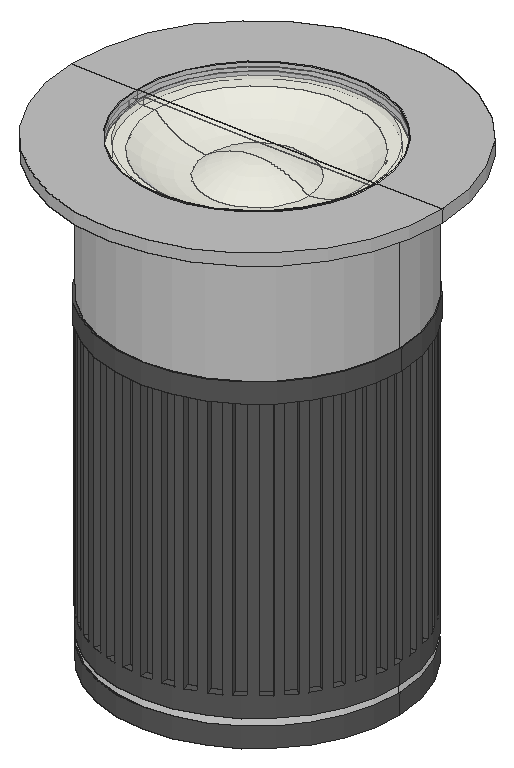
Revit family "STH8706_30", category Luminárias, Revit 2023 (continued)
Automatic sketch dimensions
  Extrusion 2 sketch curve to Extrusion 2 sketch curve = 0.001281 m
  Extrusion 2 sketch curve to Extrusion 2 sketch curve = 0.00114 m  (x2)
  Extrusion 2 sketch curve to Extrusion 2 sketch curve = 0.001513 m
  Extrusion 2 sketch curve to Extrusion 2 sketch curve = 0.001473 m
  Extrusion 2 sketch curve to Extrusion 2 sketch curve = 0.001013 m  (x2)
  Extrusion 2 sketch curve to Extrusion 2 sketch curve = 0.001083 m
  Extrusion 2 sketch curve to Extrusion 2 sketch curve = 0.001078 m
  Extrusion 2 sketch curve to Extrusion 2 sketch curve = 0.001157 m
  Extrusion 2 sketch curve to Extrusion 2 sketch curve = 0.00134 m
  Extrusion 2 sketch curve to Extrusion 2 sketch curve = 0.001082 m
  Extrusion 2 sketch curve to Extrusion 2 sketch curve = 0.001292 m
  Extrusion 2 sketch curve to Extrusion 2 sketch curve = 0.000947 m
  Extrusion 2 sketch curve to Extrusion 2 sketch curve = 0.001179 m
  Extrusion 2 sketch curve to Extrusion 2 sketch curve = 0.000866 m
  Extrusion 2 sketch curve to Extrusion 2 sketch curve = 0.001235 m
  Extrusion 2 sketch curve to Extrusion 2 sketch curve = 0.001012 m
  Extrusion 2 sketch curve to Extrusion 2 sketch curve = 0.000792 m
  Extrusion 2 sketch curve to Extrusion 2 sketch curve = 0.000925 m
  Extrusion 2 sketch curve to Extrusion 2 sketch curve = 0.001321 m
  Extrusion 2 sketch curve to Extrusion 2 sketch curve = 0.000703 m
  Extrusion 2 sketch curve to Extrusion 2 sketch curve = 0.000846 m
  Extrusion 2 sketch curve to Extrusion 2 sketch curve = 0.00086 m
  Extrusion 2 sketch curve to Extrusion 2 sketch curve = 0.000622 m
  Extrusion 2 sketch curve to Extrusion 2 sketch curve = 0.000525 m
  Extrusion 2 sketch curve to Extrusion 2 sketch curve = 0.000679 m
  Extrusion 2 sketch curve to Extrusion 2 sketch curve = 0.001438 m
  Extrusion 2 sketch curve to Extrusion 2 sketch curve = 0.00044 m
  Extrusion 2 sketch curve to Extrusion 2 sketch curve = 0.001475 m
  Extrusion 2 sketch curve to Extrusion 2 sketch curve = 0.000338 m
  Extrusion 2 sketch curve to Extrusion 2 sketch curve = 0.000664 m
  Extrusion 2 sketch curve to Extrusion 2 sketch curve = 0.000426 m
  Extrusion 2 sketch curve to Extrusion 2 sketch curve = 0.000362 m
  Extrusion 2 sketch curve to Extrusion 2 sketch curve = 0.000249 m
  Extrusion 2 sketch curve to Extrusion 2 sketch curve = 0.000144 m
  Extrusion 2 sketch curve to Extrusion 2 sketch curve = 0.000165 m
  Extrusion 2 sketch curve to Extrusion 2 sketch curve = 0.000561 m
  Extrusion 2 sketch curve to Extrusion 2 sketch curve = 0.000053 m
  Extrusion 2 sketch curve to Extrusion 2 sketch curve = 0.001527 m
  Extrusion 2 sketch curve to Extrusion 2 sketch curve = 0.001553 m
  Extrusion 2 sketch curve to Extrusion 2 sketch curve = 0.00047 m
  Extrusion 2 sketch curve to Extrusion 2 sketch curve = 0.000361 m
  Extrusion 2 sketch curve to Extrusion 2 sketch curve = 0.001586 m
  Extrusion 2 sketch curve to Extrusion 2 sketch curve = 0.001601 m
  Extrusion 2 sketch curve to Extrusion 2 sketch curve = 0.000266 m
  Extrusion 2 sketch curve to Extrusion 2 sketch curve = 0.000154 m
  Extrusion 2 sketch curve to Extrusion 2 sketch curve = 0.000056 m
  Revolve 3 sketch curve to plane 3 "Centro (Esquerda/Direita)" = 0 m
  Revolve 3 sketch curve to plane 7 = 0.00893 m
  Revolve 3 sketch curve to Revolve 3 sketch curve = 0.002706 m
  plane 9 "Inferior" to Revolve 3 sketch curve = 0.0035 m
  Revolve 3 sketch curve to Revolve 3 sketch curve = 0.0012 m
  Revolve 3 sketch curve to plane 9 "Inferior" = 0.0015 m
  plane 9 "Inferior" to Revolve 3 sketch curve = 0.0085 m
  Revolve 4 sketch curve to plane 3 "Centro (Esquerda/Direita)" = 0 m
  Revolve 4 sketch curve to plane 7 = 0.00893 m
  Revolve 4 sketch curve to Revolve 4 sketch curve = 0.0013 m
  plane 9 "Inferior" to Revolve 4 sketch curve = 0.0035 m
  Revolve 4 sketch curve to Revolve 4 sketch curve = 0.0012 m
  plane 9 "Inferior" to Revolve 4 sketch curve = 0.001506 m
  Revolve 4 sketch curve to Revolve 4 sketch curve = 0.003194 m
  Revolve 6 sketch curve to plane 3 "Centro (Esquerda/Direita)" = 0 m  (x2)
  Revolve 6 sketch curve to plane 8 = 0 m
  Revolve 6 sketch curve to level = 0.0001 m
  Revolve 6 sketch curve to plane 7 = 0.0126 m
  Revolve 6 sketch curve to Revolve 6 sketch curve = 0.001 m
  Revolve 6 sketch curve to plane 7 = 0.01155 m
  level to Revolve 6 sketch curve = 0.0005 m
  Revolve 6 sketch curve to Revolve 6 sketch curve = 0.00135 m
  Revolve 6 sketch curve to Revolve 6 sketch curve = 0.0149 m
  Revolve 6 sketch curve to plane 8 = 0.0008 m
  Revolve 6 sketch curve to level = 0.017536 m
  plane 8 to Revolve 6 sketch curve = 0.001674 m
  Revolve 7 sketch curve to plane 3 "Centro (Esquerda/Direita)" = 0 m  (x2)
  Revolve 7 sketch curve to level = 0 m
  Revolve 7 sketch curve to plane 3 "Centro (Esquerda/Direita)" = 0.000804 m
  Revolve 7 sketch curve to Revolve 7 sketch curve = 0.006 m
  Revolve 7 sketch curve to Revolve 7 sketch curve = 0.0015 m  (x2)
  plane 3 "Centro (Esquerda/Direita)" to Revolve 7 sketch curve = 0.008052 m
  Revolve 7 sketch curve to Revolve 7 sketch curve = 0.00275 m
  Revolve 7 sketch curve to level = 0.0013 m
  Revolve 7 sketch curve to Revolve 7 sketch curve = 0.01175 m
  Revolve 7 sketch curve to Revolve 7 sketch curve = 0.00015 m
  Revolve 7 sketch curve to Revolve 7 sketch curve = 0.0032 m
  Revolve 7 sketch curve to level = 0.008 m
  Revolve 7 sketch curve to Revolve 7 sketch curve = 0.0042 m
  Revolve 7 sketch curve to Revolve 7 sketch curve = 0.0038 m
  Revolve 7 sketch curve to level = 0.001 m
  plane 8 to Revolve 7 sketch curve = 0.007911 m
  Revolve 7 sketch curve to Revolve 7 sketch curve = 0 m
  plane 8 to Revolve 7 sketch curve = 0.00195 m
  Revolve 8 sketch curve to plane 3 "Centro (Esquerda/Direita)" = 0 m  (x2)
  Revolve 8 sketch curve to level = 0 m
  Revolve 8 sketch curve to plane 9 "Inferior" = 0 m
  Revolve 8 sketch curve to plane 7 = 0.0075 m
  Revolve 8 sketch curve to plane 9 "Inferior" = 0.00469 m
  plane 8 to Revolve 8 sketch curve = 0.0057 m
  Revolve 9 sketch curve to plane 8 = 0 m
  Revolve 9 sketch curve to level = 0 m
  Revolve 9 sketch curve to plane 8 = 0.0008 m
  Revolve 9 sketch curve to plane 7 = 0.0114 m
  Revolve 9 sketch curve to Revolve 9 sketch curve = 0.0015 m
  Revolve 9 sketch curve to Revolve 9 sketch curve = 0.0024 m
  Revolve 9 sketch curve to Revolve 9 sketch curve = 0.0075 m
  Revolve 9 sketch curve to level = 0.0222 m
  plane 8 to Revolve 9 sketch curve = 0.005 m
  Revolve 9 sketch curve to Revolve 9 sketch curve = 0.0211 m
  Revolve 9 sketch curve to plane 9 "Inferior" = 0.004728 m
  Revolve 1 sketch curve to plane 3 "Centro (Esquerda/Direita)" = 0 m  (x2)
  Revolve 1 sketch curve to plane 9 "Inferior" = 0 m
  plane 9 "Inferior" to Revolve 1 sketch curve = 0.002698 m
  Revolve 1 sketch curve to plane 7 = 0.01148 m
  Revolve 1 sketch curve to Revolve 1 sketch curve = 0.00398 m
  Revolve 1 sketch curve to level = 0.0257 m
  Revolve 1 sketch curve to plane 9 "Inferior" = 0.004728 m
  plane 8 to Revolve 1 sketch curve = 0.005 m
  Revolve 5 sketch curve to plane 3 "Centro (Esquerda/Direita)" = 0 m
  Revolve 5 sketch curve to plane 7 = 0.01148 m
  Revolve 5 sketch curve to Revolve 5 sketch curve = 0.0043 m
  Revolve 5 sketch curve to level = 0.0257 m
  Revolve 5 sketch curve to Revolve 5 sketch curve = 0.0035 m
  Revolve 5 sketch curve to Revolve 5 sketch curve = 0.002517 m
  Revolve 5 sketch curve to Revolve 5 sketch curve = 0.008615 m
Connectors (m)
  electrical at (0, 0, -0.0799)
    settings: index 1, voltage 0 V, apparent load 0 VA, apparent load phase1 0 VA, apparent load phase2 0 VA, apparent load phase3 0 VA, power factor 1, load classification "Outro", number of poles 1, system type 31, power factor state 1, is connector primary yes, connector utility no, sub classification motor no, connector description ""
